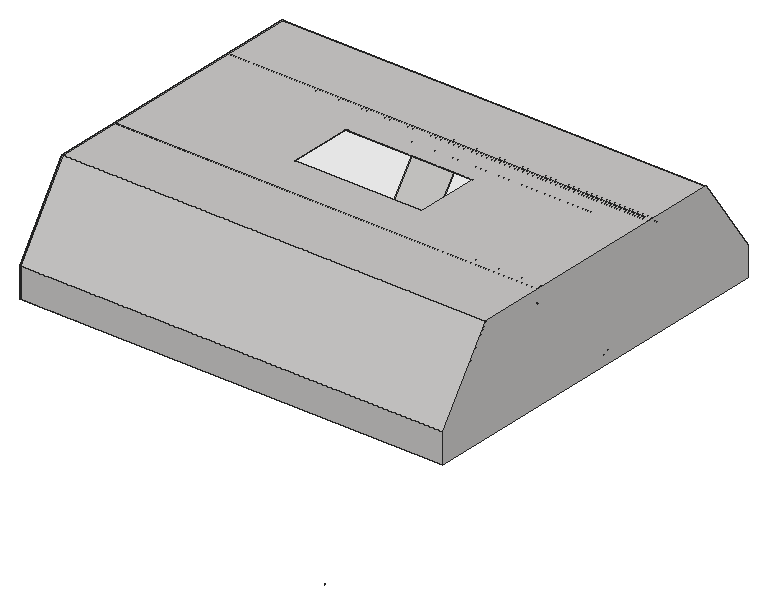
Revit family "QF_ELECTROLUXPROFESSIONAL_642358_BC1820DT", category Specialty Equipment, Revit 2014
Reference planes
  plane 1: z = 0
  plane 2 "Center (Left/Right)": x = 150
  plane 3 "LEFT": x = -850
  plane 4 "RIGHT": x = 1150
  plane 5 "BACK": y = 550
  plane 6 "TOP": z = 2500
  plane 7 "Base": z = 2000
  plane 8: z = 1946
  plane 9: x = -847
  plane 10 "DrainX": x = 999
  plane 11 "AOLeft2": x = 450
  plane 12: x = 1147
  plane 13: x = -650
  plane 14: x = 950
  plane 15: x = 50
  plane 16: x = 250
  plane 17 "AOLeft1": x = -150
  plane 18: y = -200
  plane 19: y = -500
  plane 20 "Center (Front/Back)": y = -350
  plane 21: y = -1250
  plane 22: through (0, -401.379, 2046.209) normal (0, 0.8019, 0.5974)
  plane 23: through (0, -298.621, 2046.209) normal (0, 0.8019, -0.5974)
  plane 24: z = 2140
Forms (mm)
  Extrusion 1, solid, material "QF_Finishes_Stainless Steel"
    sketch origin (-850, 0, 360) x (0, 1, 0) y (0, 0, 1)
      loop
        line (550, 1640) -> (550, 1780) -> (299.446, 2140) -> (-999.446, 2140) -> (-1250, 1780) -> (-1250, 1640) -> (550, 1640)
    from 0 to 3
  Extrusion 2, solid, material "QF_Finishes_Stainless Steel"
    sketch origin (1150, 0, 360) x (0, 1, 0) y (0, 0, 1)
      loop
        line (550, 1640) -> (550, 1780) -> (299.446, 2140) -> (-999.446, 2140) -> (-1250, 1780) -> (-1250, 1640) -> (550, 1640)
    from 0 to -3
  Extrusion 3, solid, material "QF_Finishes_Stainless Steel"
    sketch origin (150, 0, 360) x (0, 1, 0) y (0, 0, 1)
      loop
        line (-999.446, 2140) -> (-1250, 1780) -> (-1250, 1640) -> (-1240, 1640) -> (-1240, 1640.8) -> (-1249.2, 1640.8) -> (-1249.2, 1779.739) -> (-999.025, 2139.19) -> (299.025, 2139.19) -> (549.2, 1779.739) -> (549.2, 1640.8) -> (540, 1640.8) -> (540, 1640) -> (550, 1640) -> (550, 1780) -> (299.446, 2140) -> (-999.446, 2140)
    from -1000 to 1000
  Extrusion 4, void
    sketch origin (0, 0, 2500) x (0, 1, 0) y (-1, 0, 0)
      loop
        line (-200, -450) -> (-200, 150) -> (-500, 150) -> (-500, -450) -> (-200, -450)
    from 0 to -10
  Extrusion 5, solid, material "QF_Finishes_Stainless Steel"
    sketch origin (0, 0, 0) x (1, 0, 0) y (0, 1, 0)
      loop
        line (-850, 550) -> (-850, 549) -> (-849, 549) -> (-849, 550) -> (-850, 550)
    from 0 to 1
  Extrusion 6, solid, material "QF_Finishes_Stainless Steel"
    sketch origin (150, -400, 360) x (0, 1, 0) y (0, 0, 1)
      loop
        line (-298.883, 2085.553) -> (-1.379, 1686.209) -> (14.66, 1698.157) -> (-282.844, 2097.501) -> (-298.883, 2085.553)
      loop
        line (398.883, 2085.553) -> (382.844, 2097.501) -> (85.34, 1698.157) -> (101.379, 1686.209) -> (398.883, 2085.553)
    from -800 to -997
  Extrusion 7, solid, material "QF_Finishes_Stainless Steel"
    sketch origin (150, -400, 360) x (0, 1, 0) y (0, 0, 1)
      loop
        arc (116.056, 1704.554) -> (115.455, 1704.706) -> (114.923, 1704.389) r 0.81
        line (114.923, 1704.389) -> (100.465, 1684.991) -> (83.389, 1687.002) -> (86.391, 1712.615) -> (85.593, 1712.708) -> (82.594, 1687.095)
        arc (82.594, 1687.095) -> (82.763, 1686.499) -> (83.305, 1686.197) r 0.81
        line (83.305, 1686.197) -> (100.372, 1684.196)
        arc (100.372, 1684.196) -> (100.787, 1684.257) -> (101.116, 1684.517) r 0.81
        line (101.116, 1684.517) -> (115.564, 1703.911) -> (126.308, 1695.919) -> (100.145, 1660.79) -> (-0.145, 1660.79) -> (-26.308, 1695.919) -> (-15.564, 1703.911) -> (-1.116, 1684.517)
        arc (-1.116, 1684.517) -> (-0.787, 1684.257) -> (-0.372, 1684.196) r 0.81
        line (-0.372, 1684.196) -> (16.695, 1686.197)
        arc (16.695, 1686.197) -> (17.237, 1686.499) -> (17.406, 1687.095) r 0.81
        line (17.406, 1687.095) -> (14.407, 1712.708) -> (13.609, 1712.615) -> (16.611, 1687.002) -> (-0.465, 1684.991) -> (-14.923, 1704.389)
        arc (-14.923, 1704.389) -> (-15.455, 1704.706) -> (-16.056, 1704.554) r 0.81
        line (-16.056, 1704.554) -> (-26.786, 1696.561)
        arc (-26.786, 1696.561) -> (-27.103, 1696.028) -> (-26.951, 1695.427) r 0.81
        line (-26.951, 1695.427) -> (-0.843, 1660.381)
        arc (-0.843, 1660.381) -> (-0.5, 1660.093) -> (-0.063, 1659.99) r 0.972
        line (-0.063, 1659.99) -> (100.049, 1659.99)
        arc (100.049, 1659.99) -> (100.498, 1660.096) -> (100.851, 1660.393) r 1
        line (100.851, 1660.393) -> (126.951, 1695.427)
        arc (126.951, 1695.427) -> (127.103, 1696.028) -> (126.786, 1696.561) r 0.81
        line (126.786, 1696.561) -> (116.056, 1704.554)
      loop
        line (-292.735, 2139.19) -> (-292.735, 2129.205) -> (-317.587, 2110.686)
        arc (-317.587, 2110.686) -> (-317.904, 2110.153) -> (-317.752, 2109.552) r 0.81
        line (-317.752, 2109.552) -> (-284.894, 2065.446) -> (-295.625, 2057.438) -> (-295.147, 2056.796) -> (-284.418, 2064.79)
        arc (-284.418, 2064.79) -> (-284.1, 2065.322) -> (-284.252, 2065.923) r 0.81
        line (-284.252, 2065.923) -> (-317.117, 2110.038) -> (-291.935, 2128.798) -> (-291.935, 2138.4) -> (-262.776, 2138.4) -> (-262.776, 2070.563) -> (-261.976, 2069.49) -> (-261.976, 2139.19) -> (-292.735, 2139.19)
      loop
        line (392.735, 2139.19) -> (361.976, 2139.19) -> (361.976, 2069.49) -> (362.776, 2070.563) -> (362.776, 2138.4) -> (391.935, 2138.4) -> (391.935, 2128.798) -> (417.117, 2110.038) -> (384.252, 2065.923)
        arc (384.252, 2065.923) -> (384.1, 2065.322) -> (384.418, 2064.79) r 0.81
        line (384.418, 2064.79) -> (395.147, 2056.796) -> (395.625, 2057.438) -> (384.894, 2065.446) -> (417.752, 2109.552)
        arc (417.752, 2109.552) -> (417.904, 2110.153) -> (417.587, 2110.686) r 0.81
        line (417.587, 2110.686) -> (392.735, 2129.205) -> (392.735, 2139.19)
    from -997 to 997
  Extrusion 8, solid, material "QF_Finishes_Stainless Steel"
    sketch origin (150, -400, 360) x (0, 1, 0) y (0, 0, 1)
      loop
        line (-298.883, 2085.553) -> (-1.379, 1686.209) -> (14.66, 1698.157) -> (-282.844, 2097.501) -> (-298.883, 2085.553)
      loop
        line (398.883, 2085.553) -> (382.844, 2097.501) -> (85.34, 1698.157) -> (101.379, 1686.209) -> (398.883, 2085.553)
    from 997 to 800
  Extrusion 9, solid, material "QF_Finishes_Stainless Steel"
    sketch origin (150, -400, 360) x (0, 1, 0) y (0, 0, 1)
      loop
        line (-298.883, 2085.553) -> (-1.379, 1686.209) -> (14.66, 1698.157) -> (-282.844, 2097.501) -> (-298.883, 2085.553)
      loop
        line (398.883, 2085.553) -> (382.844, 2097.501) -> (85.34, 1698.157) -> (101.379, 1686.209) -> (398.883, 2085.553)
    from -100 to 100
  Extrusion 10, solid, material "QF_Finished_Chrome"
    sketch origin (150, -400, 360) x (0, 1, 0) y (0, 0, 1)
      loop
        line (-298.883, 2085.553) -> (-1.379, 1686.209) -> (14.66, 1698.157) -> (-282.844, 2097.501) -> (-298.883, 2085.553)
      loop
        line (398.883, 2085.553) -> (382.844, 2097.501) -> (85.34, 1698.157) -> (101.379, 1686.209) -> (398.883, 2085.553)
    from -800 to -100
  Extrusion 11, solid, material "QF_Finished_Chrome"
    sketch origin (150, -400, 360) x (0, 1, 0) y (0, 0, 1)
      loop
        line (-298.883, 2085.553) -> (-1.379, 1686.209) -> (14.66, 1698.157) -> (-282.844, 2097.501) -> (-298.883, 2085.553)
      loop
        line (398.883, 2085.553) -> (382.844, 2097.501) -> (85.34, 1698.157) -> (101.379, 1686.209) -> (398.883, 2085.553)
    from 100 to 800
  Sweep 12, solid, material "QF_Finishes_Stainless Steel"
    path origin (0, 0, 0) x (1, 0, 0) y (0, 1, 0)
      loop
        line (1150, 550) -> (-850, 550) -> (-850, -1250) -> (1150, -1250) -> (1150, 550)
    profile origin (1150, -350, 0) x (1, 0, 0) y (0, 0, 1)
      loop
        line (-3, 2000) -> (-3, 2000.8) -> (-19, 2000.8) -> (-19, 2010) -> (-20, 2010) -> (-20, 2000) -> (-3, 2000)
  Extrusion 13, solid, material "QF_Finishes_Stainless Steel"
    sketch origin (999, 0, 0) x (0, 1, 0) y (0, 0, 1)
      loop
        arc (-318.5, 1946) -> (-311.429, 1948.929) -> (-308.5, 1956) r 10
        line (-308.5, 1956) -> (-308.5, 2000.8) -> (-391.5, 2000.8) -> (-391.5, 1956)
        arc (-391.5, 1956) -> (-388.571, 1948.929) -> (-381.5, 1946) r 10
        line (-381.5, 1946) -> (-318.5, 1946)
    from -90 to 90
  Extrusion 14, solid, material "QF_Finishes_Stainless Steel"
    sketch origin (0, -1100, 2000) x (0, 1, 0) y (-1, 0, 0)
      loop
        circle (750, -999) r 6.35
    from -3.799 to 0
Cuts and joins
  Extrusion 4 cuts Extrusion 3
  joined: Extrusion 2, Extrusion 3, Sweep 12
Lines and regions (mm)
  symbolic lines, style "SpecialityEquipment", detail levels coarse
    curve 1: line (1150, 550, 2500) -> (-850, 550, 2500)
    curve 2: line (-850, 550, 2500) -> (-850, -1250.8, 2500)
    curve 3: line (1150, -1250.8, 2500) -> (1150, 550, 2500)
    curve 4: line (-850, 299.025, 0) -> (1149.504, -999.025, 0)
    curve 5: line (1149.568, 299.025, 0) -> (-850, -999.025, 0)
  symbolic lines, detail levels coarse
    curve 6: line (-150, -500, 0) -> (450, -500, 0)
    curve 7: line (-150, -200, 0) -> (-150, -500, 0)
    curve 8: line (450, -200, 0) -> (-150, -200, 0)
    curve 9: line (450, -500, 0) -> (450, -200, 0)
    curve 10: line (-850, 299.025, 0) -> (1149.568, 299.025, 0)
    curve 11: line (1149.504, -999.025, 0) -> (-850, -999.025, 0)
    curve 12: line (1150, -1250, 0) -> (-850, -1250, 0)
Dimensions and locks
  plane 3 "LEFT" to plane 4 "RIGHT" = 2000 mm
  equal spacing: plane 3 "LEFT", plane 2 "Center (Left/Right)", plane 4 "RIGHT"
  plane 3 "LEFT" to plane 9 = 3 mm
  plane 10 "DrainX" to plane 4 "RIGHT" = 151 mm
  plane 12 to plane 4 "RIGHT" = 3 mm
  plane 3 "LEFT" to plane 13 = 200 mm
  plane 14 to plane 4 "RIGHT" = 200 mm
  locked: plane 7 "Base" to level at 2000
  locked: plane 15 to plane 16 at 200
  equal spacing: plane 15, plane 2 "Center (Left/Right)", plane 16
  plane 7 "Base" to plane 8 = 54 mm
  locked: plane 6 "TOP" to plane 7 "Base" at 500
  plane 5 "BACK" to plane 21 = 1800 mm  (x2)
  equal spacing: plane 5 "BACK", plane 20 "Center (Front/Back)", plane 21
  plane 19 to plane 18 = 300 mm
  equal spacing: plane 19, plane 20 "Center (Front/Back)", plane 18
  plane 24 to plane 7 "Base" = 140 mm
  locked: plane 17 "AOLeft1" to plane 11 "AOLeft2" at 600
  aligned and locked: level to plane 1
  aligned and locked: plane 4 "RIGHT" to Extrusion 3
  aligned and locked: Extrusion 3 to plane 3 "LEFT"
  aligned and locked: Extrusion 6 to plane 9
  aligned and locked: plane 13 to Extrusion 6
  aligned and locked: Extrusion 2 to plane 12
  aligned and locked: plane 12 to Extrusion 8
  aligned and locked: Extrusion 8 to plane 14
  aligned and locked: plane 16 to Extrusion 9
  aligned and locked: Extrusion 9 to plane 15
  aligned and locked: plane 15 to Extrusion 10
  aligned and locked: Extrusion 10 to plane 13
  aligned and locked: Extrusion 11 to plane 16
  aligned and locked: Extrusion 11 to plane 14
  aligned and locked: Extrusion 7 to plane 9
  aligned and locked: plane 12 to Extrusion 7
  aligned and locked: Extrusion 4 to plane 17 "AOLeft1"
  aligned and locked: Extrusion 4 to plane 11 "AOLeft2"
  aligned and locked: plane 19 to Extrusion 4
  aligned and locked: plane 18 to Extrusion 4
Automatic sketch dimensions
  curve 2 to plane 3 "LEFT" = 0 mm
  curve 3 to plane 4 "RIGHT" = 0 mm
  curve 2 to plane 5 "BACK" = 0 mm
  Extrusion 4 sketch curve to plane 11 "AOLeft2" = 0 mm
  Extrusion 4 sketch curve to plane 17 "AOLeft1" = 0 mm
  Extrusion 5 sketch curve to plane 3 "LEFT" = 0 mm
  Extrusion 5 sketch curve to plane 5 "BACK" = 0 mm
  plane 3 "LEFT" to Extrusion 5 sketch curve = 1 mm
  Extrusion 5 sketch curve to Extrusion 5 sketch curve = 1 mm
  Sweep 12 sketch curve to plane 3 "LEFT" = 0 mm
  Sweep 12 sketch curve to plane 4 "RIGHT" = 0 mm
  Sweep 12 sketch curve to plane 5 "BACK" = 0 mm
  profile plane to Sweep 12 sketch curve = 20 mm
  Sweep 12 sketch curve to Sweep 12 sketch curve = 1 mm
  profile plane to Sweep 12 sketch curve = 3 mm
  level to Sweep 12 sketch curve = 2000 mm
  Sweep 12 sketch curve to Sweep 12 sketch curve = 0.8 mm
  Sweep 12 sketch curve to Sweep 12 sketch curve = 9.2 mm
  plane 19 to curve 3 = 750.8 mm
  plane 19 to curve 2 = 750.8 mm
  plane 19 to Sweep 12 sketch curve = 750 mm
  plane 19 to Extrusion 4 sketch curve = 0 mm
  Extrusion 4 sketch curve to plane 18 = 0 mm
  Extrusion 14 sketch curve to plane 10 "DrainX" = 0 mm
  Extrusion 14 sketch curve to plane 20 "Center (Front/Back)" = 0 mm
  Extrusion 13 sketch curve to plane 8 = 0 mm
  plane 8 to Extrusion 13 sketch curve = 10 mm
  Extrusion 13 sketch curve to plane 20 "Center (Front/Back)" = 41.5 mm
  plane 20 "Center (Front/Back)" to Extrusion 13 sketch curve = 31.5 mm
  plane 7 "Base" to Extrusion 13 sketch curve = 0.8 mm
  plane 20 "Center (Front/Back)" to Extrusion 13 sketch curve = 41.5 mm
  plane 19 to Extrusion 6 sketch curve = 198.883 mm
  Extrusion 6 sketch curve to plane 6 "TOP" = 42.499 mm  (x2)
  Extrusion 6 sketch curve to Extrusion 6 sketch curve = 16.039 mm  (x2)
  Extrusion 6 sketch curve to plane 20 "Center (Front/Back)" = 51.379 mm
  plane 20 "Center (Front/Back)" to Extrusion 6 sketch curve = 35.34 mm
  plane 18 to Extrusion 6 sketch curve = 182.844 mm
  Extrusion 6 sketch curve to Extrusion 6 sketch curve = 11.948 mm  (x2)
  Extrusion 7 sketch curve to plane 6 "TOP" = 30.448 mm  (x2)
  plane 19 to Extrusion 7 sketch curve = 217.752 mm
  Extrusion 7 sketch curve to plane 6 "TOP" = 29.314 mm  (x2)
  Extrusion 7 sketch curve to Extrusion 7 sketch curve = 0.166 mm  (x3)
  Extrusion 7 sketch curve to plane 6 "TOP" = 29.962 mm  (x2)
  Extrusion 7 sketch curve to Extrusion 7 sketch curve = 0.47 mm  (x2)
  Extrusion 7 sketch curve to Extrusion 7 sketch curve = 0.014 mm  (x2)
  Extrusion 7 sketch curve to plane 6 "TOP" = 82.562 mm  (x2)
  Extrusion 7 sketch curve to Extrusion 7 sketch curve = 22.127 mm
  Extrusion 7 sketch curve to plane 6 "TOP" = 83.204 mm  (x2)
  Extrusion 7 sketch curve to Extrusion 7 sketch curve = 0.478 mm  (x5)
  Extrusion 7 sketch curve to plane 6 "TOP" = 0.81 mm  (x2)
  Extrusion 7 sketch curve to Extrusion 7 sketch curve = 24.852 mm
  Extrusion 7 sketch curve to Extrusion 7 sketch curve = 0.8 mm  (x5)
  Extrusion 7 sketch curve to Extrusion 7 sketch curve = 10.724 mm
  Extrusion 7 sketch curve to plane 6 "TOP" = 74.554 mm  (x2)
  Extrusion 7 sketch curve to Extrusion 7 sketch curve = 0.008 mm  (x6)
  Extrusion 7 sketch curve to plane 6 "TOP" = 75.21 mm  (x2)
  Extrusion 7 sketch curve to plane 6 "TOP" = 74.077 mm  (x2)
  Extrusion 7 sketch curve to Extrusion 7 sketch curve = 0.642 mm  (x2)
  Extrusion 7 sketch curve to plane 6 "TOP" = 69.437 mm  (x2)
  Extrusion 7 sketch curve to Extrusion 7 sketch curve = 21.476 mm  (x2)
  Extrusion 7 sketch curve to plane 19 = 73.049 mm
  Extrusion 7 sketch curve to Extrusion 7 sketch curve = 0.006 mm  (x4)
  Extrusion 7 sketch curve to Extrusion 7 sketch curve = 10.73 mm  (x3)
  Extrusion 7 sketch curve to Extrusion 7 sketch curve = 0.484 mm  (x4)
  Extrusion 7 sketch curve to Extrusion 7 sketch curve = 0.641 mm  (x2)
  Extrusion 7 sketch curve to Extrusion 7 sketch curve = 14.448 mm
  plane 7 "Base" to Extrusion 7 sketch curve = 20.381 mm
  Extrusion 7 sketch curve to Extrusion 7 sketch curve = 0.273 mm
  Extrusion 7 sketch curve to Extrusion 7 sketch curve = 0.65 mm  (x2)
  Extrusion 7 sketch curve to Extrusion 7 sketch curve = 0.001 mm  (x4)
  Extrusion 7 sketch curve to Extrusion 7 sketch curve = 0.093 mm  (x2)
  plane 7 "Base" to Extrusion 7 sketch curve = 20.79 mm
  Extrusion 7 sketch curve to Extrusion 7 sketch curve = 0.698 mm
  Extrusion 7 sketch curve to Extrusion 7 sketch curve = 0.081 mm
  Extrusion 7 sketch curve to Extrusion 7 sketch curve = 28.531 mm
  Extrusion 7 sketch curve to Extrusion 7 sketch curve = 0.799 mm  (x2)
  Extrusion 7 sketch curve to Extrusion 7 sketch curve = 17.067 mm  (x2)
  Extrusion 7 sketch curve to Extrusion 7 sketch curve = 0.01 mm  (x4)
  Extrusion 7 sketch curve to Extrusion 7 sketch curve = 0.094 mm
  Extrusion 7 sketch curve to Extrusion 7 sketch curve = 0.795 mm  (x2)
  plane 20 "Center (Front/Back)" to Extrusion 7 sketch curve = 32.594 mm
  Extrusion 7 sketch curve to Extrusion 7 sketch curve = 0.71 mm
  Extrusion 7 sketch curve to Extrusion 7 sketch curve = 2.998 mm
  Extrusion 7 sketch curve to Extrusion 7 sketch curve = 16.745 mm
  Extrusion 7 sketch curve to Extrusion 7 sketch curve = 0.095 mm
  plane 7 "Base" to Extrusion 7 sketch curve = 20.393 mm
  Extrusion 7 sketch curve to Extrusion 7 sketch curve = 0.707 mm
  Extrusion 7 sketch curve to Extrusion 7 sketch curve = 0.651 mm
  Extrusion 7 sketch curve to Extrusion 7 sketch curve = 14.456 mm
  Extrusion 7 sketch curve to plane 6 "TOP" = 70.51 mm  (x2)
  plane 18 to Extrusion 7 sketch curve = 161.976 mm
  Extrusion 7 sketch curve to plane 6 "TOP" = 1.6 mm
  Extrusion 7 sketch curve to Extrusion 7 sketch curve = 29.159 mm
  Extrusion 7 sketch curve to Extrusion 7 sketch curve = 24.368 mm
  Extrusion 7 sketch curve to Extrusion 7 sketch curve = 0.636 mm
  Extrusion 7 sketch curve to Extrusion 7 sketch curve = 23.206 mm
  Extrusion 7 sketch curve to Extrusion 7 sketch curve = 23.234 mm
  Extrusion 7 sketch curve to Extrusion 7 sketch curve = 0.321 mm  (x2)
  Extrusion 7 sketch curve to Extrusion 7 sketch curve = 2.001 mm  (x2)
  Extrusion 7 sketch curve to Extrusion 7 sketch curve = 0.804 mm  (x2)
  Extrusion 7 sketch curve to Extrusion 7 sketch curve = 10.911 mm  (x2)
  Extrusion 7 sketch curve to Extrusion 7 sketch curve = 7.993 mm  (x2)
  Extrusion 7 sketch curve to Extrusion 7 sketch curve = 25.613 mm  (x2)
  Extrusion 7 sketch curve to Extrusion 7 sketch curve = 0.407 mm  (x2)
  Extrusion 7 sketch curve to Extrusion 7 sketch curve = 0.79 mm
  Extrusion 3 sketch curve to plane 7 "Base" = 0 mm  (x2)
  Extrusion 3 sketch curve to plane 21 = 0 mm
  Extrusion 3 sketch curve to plane 5 "BACK" = 0 mm
  plane 21 to Extrusion 3 sketch curve = 0.8 mm
  plane 7 "Base" to Extrusion 3 sketch curve = 0.8 mm  (x2)
  Extrusion 3 sketch curve to Extrusion 3 sketch curve = 9.2 mm
  plane 21 to Extrusion 3 sketch curve = 250.554 mm
  Extrusion 3 sketch curve to Extrusion 3 sketch curve = 0.421 mm  (x2)
  Extrusion 3 sketch curve to plane 6 "TOP" = 0.81 mm
  Extrusion 3 sketch curve to plane 5 "BACK" = 250.975 mm
  Extrusion 3 sketch curve to plane 5 "BACK" = 10 mm
  Extrusion 3 sketch curve to plane 5 "BACK" = 0.8 mm
  Extrusion 3 sketch curve to Extrusion 3 sketch curve = 138.939 mm  (x2)
  Extrusion 3 sketch curve to Extrusion 3 sketch curve = 0.261 mm  (x2)
  Extrusion 3 sketch curve to plane 6 "TOP" = 0 mm
  Extrusion 1 sketch curve to plane 7 "Base" = 0 mm
  Extrusion 1 sketch curve to plane 21 = 0 mm
  Extrusion 1 sketch curve to plane 6 "TOP" = 0 mm
  Extrusion 1 sketch curve to plane 5 "BACK" = 0 mm
  Extrusion 1 sketch curve to plane 5 "BACK" = 250.554 mm
  plane 7 "Base" to Extrusion 1 sketch curve = 140 mm
  Extrusion 1 sketch curve to Extrusion 1 sketch curve = 140 mm
  plane 21 to Extrusion 1 sketch curve = 250.554 mm
  plane 19 to Extrusion 10 sketch curve = 198.883 mm
  Extrusion 10 sketch curve to plane 6 "TOP" = 42.499 mm  (x2)
  Extrusion 10 sketch curve to Extrusion 10 sketch curve = 16.039 mm  (x2)
  Extrusion 10 sketch curve to plane 20 "Center (Front/Back)" = 51.379 mm
  plane 20 "Center (Front/Back)" to Extrusion 10 sketch curve = 35.34 mm
  plane 18 to Extrusion 10 sketch curve = 182.844 mm
  Extrusion 10 sketch curve to Extrusion 10 sketch curve = 11.948 mm  (x2)
  plane 19 to Extrusion 9 sketch curve = 198.883 mm
  Extrusion 9 sketch curve to plane 6 "TOP" = 42.499 mm  (x2)
  Extrusion 9 sketch curve to Extrusion 9 sketch curve = 16.039 mm  (x2)
  Extrusion 9 sketch curve to plane 20 "Center (Front/Back)" = 51.379 mm
  plane 20 "Center (Front/Back)" to Extrusion 9 sketch curve = 35.34 mm
  plane 18 to Extrusion 9 sketch curve = 182.844 mm
  Extrusion 9 sketch curve to Extrusion 9 sketch curve = 11.948 mm  (x2)
  plane 19 to Extrusion 11 sketch curve = 198.883 mm
  Extrusion 11 sketch curve to plane 6 "TOP" = 42.499 mm  (x2)
  Extrusion 11 sketch curve to Extrusion 11 sketch curve = 16.039 mm  (x2)
  Extrusion 11 sketch curve to plane 20 "Center (Front/Back)" = 51.379 mm
  plane 20 "Center (Front/Back)" to Extrusion 11 sketch curve = 35.34 mm
  plane 18 to Extrusion 11 sketch curve = 182.844 mm
  Extrusion 11 sketch curve to Extrusion 11 sketch curve = 11.948 mm  (x2)
  plane 19 to Extrusion 8 sketch curve = 198.883 mm
  Extrusion 8 sketch curve to plane 6 "TOP" = 42.499 mm  (x2)
  Extrusion 8 sketch curve to Extrusion 8 sketch curve = 16.039 mm  (x2)
  Extrusion 8 sketch curve to plane 20 "Center (Front/Back)" = 51.379 mm
  plane 20 "Center (Front/Back)" to Extrusion 8 sketch curve = 35.34 mm
  plane 18 to Extrusion 8 sketch curve = 182.844 mm
  Extrusion 8 sketch curve to Extrusion 8 sketch curve = 11.948 mm  (x2)
  Extrusion 2 sketch curve to plane 7 "Base" = 0 mm
  Extrusion 2 sketch curve to plane 21 = 0 mm
  Extrusion 2 sketch curve to plane 5 "BACK" = 0 mm
  Extrusion 2 sketch curve to plane 24 = 0 mm  (x2)
  Extrusion 2 sketch curve to plane 5 "BACK" = 250.554 mm
  plane 21 to Extrusion 2 sketch curve = 250.554 mm
  Extrusion 2 sketch curve to plane 6 "TOP" = 0 mm
  curve 4 to plane 3 "LEFT" = 0 mm
  curve 11 to plane 3 "LEFT" = 0 mm
  curve 12 to plane 3 "LEFT" = 0 mm
  curve 7 to plane 17 "AOLeft1" = 0 mm
  curve 8 to plane 11 "AOLeft2" = 0 mm
  curve 12 to plane 4 "RIGHT" = 0 mm
  curve 12 to plane 21 = 0 mm
  plane 19 to curve 6 = 0 mm
  curve 9 to plane 18 = 0 mm
  curve 11 to plane 4 "RIGHT" = 0.496 mm
  curve 10 to plane 4 "RIGHT" = 0.432 mm
  plane 21 to curve 4 = 250.975 mm
  curve 10 to plane 5 "BACK" = 250.975 mm
  radius of Extrusion 14 sketch curve = 6.35 mm
Connectors
  hvac at (150, -350, 2500)
    settings: on Extrusion 4, index 2, duct flow 0.0 L/s, flow factor 0, pres drop 0.0 Pa, loss coef 0, conn angle 0.00°, conn width 300 mm, conn height 0 mm, conn diameter 609.6 mm, duct sys type 3, conn prof type 1, flow config 1, flow direction 2, loss method 0, conn ref index -1, conn util no, is conn primary yes, conn desc "EXHAUST OUTLET"
  piping at (999, -350, 1996.201), diameter 12.7
    settings: on Extrusion 14, index 4, connector inside diameter 609.6 mm, connector length 0 mm, flow factor 0, pipe flow 0.0 L/s, pressure drop 0.0 Pa, fitting loss kfactor 0, connector angle 0.00°, fixture units 0, engagement length 0 mm, angle of deflection 0.00°, flow configuration 1, flow direction 2, fitting loss method 0, system type 16, joint type 0, gender type 0, connector reference index -1, connector utility 0, adjustable connector no, is connector primary yes, connector description "Drain"
